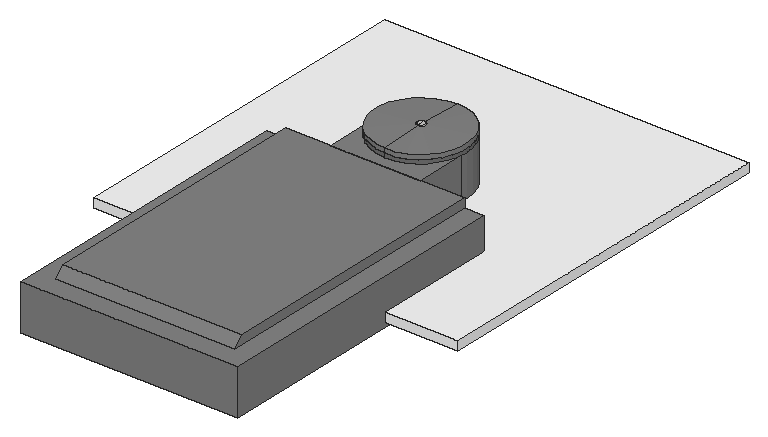
Revit family "BE_84582_de_DE", category Leuchten, Revit 2020
Family settings
  Basisbauteil = Fläche
  Bemaßung runder Anschluss = Durchmesser verwenden
  Teiletyp = Normal
  Beim Laden mit Abzugskörper schneiden = Ja
  Lichtquelle = Ja
  Gemeinsam genutzt = Nein
  Raumberechnungspunkt = Ja
Parameters (values of type "BEGA_84582_Grafit_K3")
  built-in parameter 1150104 = 18.042 (stored number, unit not read)
  Wattage = 31 W
  Default Elevation = 0 mm
  built-in parameter 1150113 = 1 (stored number, unit not read)
  built-in parameter 1114218 = 1 (stored number, unit not read)
  Umgebungstemperatur = "25 °C"
  URL = "https://www.bega.com/de/produkt/84582"
  Typenkommentare = "© 2022 BEGA. Wir behalten uns das Recht vor, technische Änderungen ohne vorherige Ankündigung vorzunehmen."  # constant formula
  Type Image = 84582.png
  built-in parameter 1150134 = (empty or 0)
  built-in parameter 1150109 = 1 (stored number, unit not read)
  Strom = ""
  built-in parameter 1150110 = 1 (stored number, unit not read)
  Spannung = 239.996 V
  Sonderanfertigung = no
  Seriennummer [instance] = "Hier können Sie die eindeutige Seriennummer für das Facility Management eintragen."
  Schutzklasse = "II"
  Schutzart = "IP 66"
  Scheinlast = 0 VA
  Produktdatenblatt = "https://cdn.bega.com/bega/products/84582K4/current/documents/data-sheets/de"
  Oberflächentemperatur = ""
  Neigungswinkel = 0.00°
  Modell = "84582K3"
  Material_18 = BEGA_Gummi_schwarz
  Material_17 = BEGA_Reflektor
  Material_15 = BEGA_Leuchtmedium_matt
  Material_11 = BEGA_Glas_opal
  Material_09 = BEGA_Glas_klar
  Material_06 = BEGA_Oberfläche_Edelstahl_gebürstet
  Material_03 = BEGA_Oberfläche_Weiss_matt
  Material_02 = BEGA_Oberfläche_Silber_matt
  Material_01 [instance] = BEGA_Oberfläche_Grafit_matt
  M_W = no
  M_G = yes
  M_A = no
  Logo = 0
  built-in parameter 1114217 = 1 (stored number, unit not read)
  built-in parameter 1150139 = (empty or 0)
  built-in parameter 1150105 = 479.07 (stored number, unit not read)
  built-in parameter 1150114 = 1 (stored number, unit not read)
  Lumens = 6020.2 lm
  built-in parameter 1150115 = 1 (stored number, unit not read)
  Leuchtenlichtstrom = "4668 lm"
  Leuchtenanzahl = ""
  Lebensdauerkriterien = "L70B50 @ 25 °C = 200000 h"
  Lastklassifizierung = Beleuchtung
  built-in parameter 1150112 = 1 (stored number, unit not read)
  Lampenlichtstrom = "6020 lm"
  Lampe = "LED 31 W"
  LED_Modulbezeichnung = "LED-1080/830"
  Hersteller = "BEGA"  # constant formula
  Halbstreuwinkel = ""
  Gewicht = "5.55 kg"
  Gebrauchslageneinschränkung [instance] = ""
  Frequenz = "0/50-60 Hz"
  Farbwiedergabeindex = "CRI > 80"
  Farbtemperaturverschiebung bei Dämpfen der Lampe = <Keine Auswahl>
  Farbtemperatur = "3000 K"
  Color Filter = 16777215
  built-in parameter 1150133 = 10 (stored number, unit not read)
  Energieeffizienzklasse = "LED A++ - A"
  built-in parameter 1150137 = (empty or 0)
  built-in parameter 1150132 = (empty or 0)
  ENEC = "ja"
  Dimmbar [instance] = "DALI"
  Datei für fotometrisches Netz = "BE_84582K3.IES"
  CE_Konformität = "ja"
  Bestellnummer = "84582K3"
  Beschreibung_Sonderanfertigung = "Hier können Sie Informationen zur Sonderanfertigung eintragen."
  Beschreibung = "Aufsatzleuchte"
  built-in parameter 1150106 = 4.7907 (stored number, unit not read)
  Befestigungsbohrung = ""
  Befestigungsabstand = ""
  Ballwurfsicher = ""
  BEGA_Intern_aus = yes
  BEGA_Intern_an = yes
  BEGA_Intern_Konstruktion = yes
  BEGA_Intern = yes
  BEGA_IES = yes
  BEGA_Dummy = no
  Anschlussleitung = "8.0 m X05BQ-F 4 × 1 mm²"
  Anschlussleistung [instance] = "33.5 W"
  Anschlusskasten = ""
  built-in parameter 1150107 = 3000 (stored number, unit not read)
  built-in parameter 1150102 = (empty or 0)
  built-in parameter 1150138 = (empty or 0)
  Aktualisierung = "2022-05-19T04:00:07"
  Abstand_zur_angestrahlten_Fläche [instance] = ""
  AC/DC = "AC/DC"
Types (2, lengths in mm): name | built-in parameter 1150104 | built-in parameter 1150134 | Modell | built-in parameter 1150105 | Lumens | Leuchtenlichtstrom | Lampenlichtstrom | LED_Modulbezeichnung | Farbtemperatur | Datei für fotometrisches Netz | Bestellnummer | built-in parameter 1150106 | built-in parameter 1150107
  BEGA_84582_Grafit_K3 | 18.042 (stored number, unit not read) | (empty or 0) | "84582K3" | 479.07 (stored number, unit not read) | 6020.2 lm | "4668 lm" | "6020 lm" | "LED-1080/830" | "3000 K" | "BE_84582K3.IES" | "84582K3" | 4.7907 (stored number, unit not read) | 3000 (stored number, unit not read)
  BEGA_84582_Grafit_K4 | 18.553 (stored number, unit not read) | 12 | "84582K4" | 492.64 (stored number, unit not read) | 6190.7 lm | "4800 lm" | "6190 lm" | "LED-1080/840" | "4000 K" | "BE_84582K4.IES" | "84582K4" | 4.9264 (stored number, unit not read) | 4000 (stored number, unit not read)
Reference planes
  plane 1 "Mitte (Vorne/Hinten)": y = 0
  plane 2: z = 0
  plane 3 "Mitte (Links/Rechts)": x = 0
  plane 4 "Links": x = -119.52
  plane 5 "Rechts": x = 119.52
  plane 6 "Unten": y = -401.92
  plane 7 "Oben": y = 50
  plane 8 "Vorne": z = 55.483
  plane 9 "Hinten": z = -100
Forms (mm)
  Extrusion 1, solid, material "BEGA_Platte_Weiss"
    sketch origin (0, -1119.2, 0) x (1, 0, 0) y (0, 1, 0)
      loop
        line (-200, 1319.2) -> (-200, 919.2) -> (200, 919.2) -> (200, 1319.2) -> (-200, 1319.2)
    from 0 to -10
  Extrusion 2, solid, material "BEGA_Dummy_matt", visible <- "BEGA_Dummy"
    sketch origin (80.095, -76.023, 0) x (1, 0, 0) y (0, 1, 0)
      loop
        line (-199.615, 126.023) -> (-199.615, -325.897) -> (39.425, -325.897) -> (39.425, 126.023) -> (-199.615, 126.023)
    from -100 to 55.483
Dimensions and locks
  plane 1 "Mitte (Vorne/Hinten)" to Extrusion 1 = 200 mm
  aligned and locked: plane 2 to Extrusion 1
  aligned and locked: level to Extrusion 1
Nested families
  nested 1: "BE_84582" at (0, 0, 0), type "BE_84582"
Connectors
  electrical at (0, 0, 0), driven by "Lastklassifizierung", driven by "Spannung", driven by "Scheinlast"
    settings: index 1, voltage 239.996 V, apparent load 0 VA, apparent load phase1 0 VA, apparent load phase2 0 VA, apparent load phase3 0 VA, power factor 1, load classification "Beleuchtung", number of poles 1, system type 31, power factor state 1, is connector primary yes, connector utility no, sub classification motor no, connector description ""
Definition of nested family "BE_84582"
  Parameters (values of type "BE_84582")
    Default Elevation = 1 mm
    URL = "http://www.bega.de/de/produkt"
    Type Comments = "© 2015 BEGA. Wir behalten uns das Recht vor, technische Änderungen ohne vorherige Ankündigung vorzunehmen. "  # constant formula
    Type Image = (empty or 0)
    Neigungswinkel_um_Z2 = 0.00°
    Neigungswinkel_um_Z1 = 0.00°
    Neigungswinkel_um_Y2 = 0.00°
    Neigungswinkel_um_Y1 = 0.00°
    Neigungswinkel_um_X2 = 0.00°
    Neigungswinkel_um_X1 = 0.00°
    Material_18 = none
    Material_17 = none
    Material_15 = none
    Material_11 = none
    Material_09 = none
    Material_06 = none
    Material_02 = none
    Material_01 = none
    M_W = yes
    M_G = yes
    M_A = yes
    Länge_Platte = 200 mm  # constant formula
    Höhe_Platte = -10 mm  # constant formula
    Manufacturer = "BEGA"  # constant formula
    Drehwinkel_um_Z2 = 0.00°
    Drehwinkel_um_Z1 = 0.00°
    Breite_Platte = 200 mm  # constant formula
  Reference planes
    plane 1 "Mitte (Oben/Unten)": y = 0
    plane 2: z = 0
    plane 3 "Mitte (Links/Rechts)": x = 0
    plane 4: y = 50
    plane 5: y = -401.92
    plane 6: x = -119.52
    plane 7: x = 119.52
    plane 8: z = -100
    plane 9: z = 56.3
  Forms (mm)
    Extrusion 1, solid, detail levels medium
      sketch origin (0, 0, 0) x (1, 0, 0) y (0, 1, 0)
        loop
          line (-100, 100) -> (-100, -100) -> (100, -100) -> (100, 100) -> (-100, 100)
      from 0 to -10 <- "Höhe_Platte"
    Revolve 2, solid, material <- "Material_01"
      sketch origin (0, 0, 0) x (0, 1, 0) y (0, 0, 1)
        loop
          arc (49.913, 53.5) -> (27.246, 54.905) -> (4.543, 55.483) r 623.82
          line (4.543, 55.483) -> (4.5, 50.5) -> (2.676, 50.5) -> (2.5, 47.5) -> (42.041, 47.5) -> (42.093, 43) -> (44.904, 43) -> (45, 48.5) -> (50, 48.5) -> (49.913, 53.5)
        axis (0, 55.483) -> (0, 43)
      angle from 0 to 360
    Revolve 3, solid, material <- "Material_18"
      sketch origin (0, 0, 0) x (0, 1, 0) y (0, 0, 1)
        loop
          line (50, 44.5) -> (50, 48.5) -> (45, 48.5) -> (45, 44.5) -> (50, 44.5)
        axis (0, 48.5) -> (0, 44.5)
      angle from 0 to 360
    Revolve 4, solid, material <- "Material_01"
      sketch origin (0, 0, 0) x (0, 1, 0) y (0, 0, 1)
        loop
          line (50, -15.5) -> (50, 44.5) -> (46, 44.5) -> (43.308, 6) -> (24, 6) -> (22.237, -95) -> (0, -95) -> (0, -100) -> (24.201, -100) -> (27.307, -97) -> (29, 0) -> (38.75, 0) -> (38.885, -15.5) -> (50, -15.5)
        axis (0, 44.5) -> (0, -100)
      angle from 0 to 360
    Extrusion 5, solid, material <- "Material_09"
      sketch origin (0, 0, 0) x (0, 1, 0) y (0, 0, 1)
        loop
          line (-198.009, -11.3) -> (-394.161, -11.3) -> (-394.161, -15.3) -> (-198.009, -15.3) -> (-198.009, -11.3)
      from -111.791 to 111.791
    Extrusion 6, solid, material <- "Material_01"
      sketch origin (0, 0, 0) x (1, 0, 0) y (0, 1, 0)
        loop
          line (115.955, -398.355) -> (115.955, -66.445) -> (-115.955, -66.445) -> (-115.955, -398.355) -> (115.955, -398.355)
        loop
          line (-111.791, -198.009) -> (-111.791, -394.161) -> (111.791, -394.161) -> (111.791, -198.009) -> (-111.791, -198.009)
      from -15.7 to -12.7
    Extrusion 7, solid, material <- "Material_01"
      sketch origin (0, 0, 0) x (1, 0, 0) y (0, 1, 0)
        loop
          line (-49.433, -62.88) -> (49.433, -62.88) -> (49.433, -7.51)
          arc (49.433, -7.51) -> (32.592, -37.918) -> (0, -50) r 50
          arc (0, -50) -> (-32.592, -37.918) -> (-49.433, -7.51) r 50
          line (-49.433, -7.51) -> (-49.433, -62.88)
      from -15.5 to 44.5
    Extrusion 8, solid, material <- "Material_01"
      sketch origin (0, 0, 0) x (1, 0, 0) y (0, 1, 0)
        loop
          line (-119.52, -62.88) -> (-119.52, -401.92) -> (119.52, -401.92) -> (119.52, -62.88) -> (-119.52, -62.88)
        loop
          line (-115.955, -66.841) -> (-115.955, -398.355) -> (115.955, -398.355) -> (115.955, -66.841) -> (-115.955, -66.841)
      from -15.7 to 34.7
    Extrusion 9, solid, material <- "Material_01"
      sketch origin (0, 0, 0) x (1, 0, 0) y (0, 1, 0)
        loop
          line (119.52, -62.88) -> (-119.52, -62.88) -> (-119.52, -401.92) -> (119.52, -401.92) -> (119.52, -62.88)
      from 31.77 to 34.7
    Extrusion 10, solid, material <- "Material_01"
      sketch origin (0, 0, 0) x (0, 1, 0) y (0, 0, 1)
        loop
          line (-369.622, 44.5) -> (-379.422, 34.7) -> (-62.88, 34.7) -> (-62.88, 44.5) -> (-369.622, 44.5)
      from -98.5 to 98.5
    Revolve 11, solid, material <- "Material_06"
      sketch origin (0, 0, 0) x (0, 1, 0) y (0, 0, 1)
        loop
          line (0, 56.3) -> (-4.25, 56.3) -> (-4.25, 51.3) -> (0, 51.3) -> (0, 56.3)
        axis (0, 51.3) -> (0, 56.3)
      angle from 0 to 360
    Extrusion 12, solid, material <- "Material_01"
      sketch origin (0, 0, 0) x (1, 0, 0) y (0, 1, 0)
        loop
          line (97.5, -208.1) -> (-97.5, -208.1) -> (-97.5, -384.1) -> (97.5, -384.1) -> (97.5, -208.1)
        loop
          line (110.75, -198.85) -> (-110.75, -198.85) -> (-110.75, -393.35) -> (110.75, -393.35) -> (110.75, -198.85)
      from -11.3 to -10.419
    Extrusion 13, solid, material <- "Material_17"
      sketch origin (0, 0, 0) x (0, 1, 0) y (0, 0, 1)
        loop
          line (-206.081, -8.419) -> (-224.666, -8.419)
          arc (-224.666, -8.419) -> (-214.841, 5.303) -> (-209.081, 21.167) r 62
          line (-209.081, 21.167) -> (-209.081, 28.881) -> (-238.608, 28.881)
          arc (-238.608, 28.881) -> (-312.71, 13.913) -> (-384.935, -8.419) r 752
          line (-384.935, -8.419) -> (-386.872, -8.419) -> (-386.872, 2.289) -> (-388.172, 2.289) -> (-388.172, -10.419) -> (-384.581, -10.419)
          arc (-384.581, -10.419) -> (-310.805, 12.334) -> (-235.081, 27.381) r 750
          line (-235.081, 27.381) -> (-211.081, 27.381) -> (-211.081, 21.381)
          arc (-211.081, 21.381) -> (-217.833, 4.028) -> (-229.581, -10.419) r 60
          line (-229.581, -10.419) -> (-206.081, -10.419) -> (-206.081, -8.419)
      from -98.97 to 99.011
    Extrusion 14, solid, material <- "Material_17"
      sketch origin (0, 0, 0) x (1, 0, 0) y (0, 0, 1)
        loop
          arc (-96, -10.419) -> (-90.931, 10.353) -> (-78, 27.381) r 52.5
          line (-78, 27.381) -> (-20, 27.381)
          arc (-20, 27.381) -> (-7.069, 10.353) -> (-2, -10.419) r 52.5
          line (-2, -10.419) -> (2, -10.419)
          arc (2, -10.419) -> (7.069, 10.353) -> (20, 27.381) r 52.5
          line (20, 27.381) -> (78, 27.381)
          arc (78, 27.381) -> (90.931, 10.353) -> (96, -10.419) r 52.5
          line (96, -10.419) -> (98.001, -10.419)
          arc (98.001, -10.419) -> (92.754, 11.176) -> (79.323, 28.881) r 54.5
          line (79.323, 28.881) -> (18.677, 28.881)
          arc (18.677, 28.881) -> (7.511, 15.444) -> (1.171, -0.836) r 54.5
          line (1.171, -0.836) -> (-1.171, -0.836)
          arc (-1.171, -0.836) -> (-7.463, 15.362) -> (-18.535, 28.757) r 54.5
          line (-18.535, 28.757) -> (-79.465, 28.757)
          arc (-79.465, 28.757) -> (-92.795, 11.091) -> (-98.001, -10.419) r 54.5
          line (-98.001, -10.419) -> (-96, -10.419)
      from 208.1 to 387.976
    Extrusion 15, void
      sketch origin (0, 0, 0) x (0, 1, 0) y (0, 0, 1)
        loop
          line (-234.118, 30.68) -> (-234.118, 25.381) -> (-212.581, 25.381) -> (-212.581, 30.68) -> (-234.118, 30.68)
      from 20 to 78
    Extrusion 16, void
      sketch origin (0, 0, 0) x (0, 1, 0) y (0, 0, -1)
        loop
          line (-234.118, -30.68) -> (-212.581, -30.68) -> (-212.581, -25.381) -> (-234.118, -25.381) -> (-234.118, -30.68)
      from 20 to 78
    Extrusion 17, solid, material <- "Material_15"
      sketch origin (0, 0, 0) x (1, 0, 0) y (0, 1, 0)
        loop
          line (-20, -212.581) -> (-78, -212.581) -> (-78, -234.118) -> (-20, -234.118) -> (-20, -212.581)
        loop
          line (78, -212.581) -> (20, -212.581) -> (20, -234.118) -> (78, -234.118) -> (78, -212.581)
      from 27.381 to 31.77
  Cuts and joins
    joined: Revolve 4, Extrusion 7
    Extrusion 15 cuts Extrusion 8
    Extrusion 15 cuts Extrusion 9
    Extrusion 15 cuts Extrusion 10
    joined: Extrusion 8, Extrusion 9, Extrusion 10
    Extrusion 15, Extrusion 16 cuts Extrusion 13
    Extrusion 15, Extrusion 16 cuts Extrusion 14
  Dimensions and locks
    equal spacing: Extrusion 1 sketch curve, plane 3 "Mitte (Links/Rechts)", Extrusion 1 sketch curve
    equal spacing: Extrusion 1 sketch curve, plane 1 "Mitte (Oben/Unten)", Extrusion 1 sketch curve
    "Länge_Platte": Extrusion 1 sketch curve to Extrusion 1 sketch curve
    "Breite_Platte": Extrusion 1 sketch curve to Extrusion 1 sketch curve
    aligned and locked: plane 2 to Extrusion 1
    aligned and locked: level to Extrusion 1
  Automatic sketch dimensions
    Revolve 2 sketch curve to plane 1 "Mitte (Oben/Unten)" = 0 mm  (x2)
    Revolve 2 sketch curve to plane 1 "Mitte (Oben/Unten)" = 2.5 mm
    Revolve 2 sketch curve to plane 1 "Mitte (Oben/Unten)" = 2.676 mm
    Revolve 2 sketch curve to Revolve 2 sketch curve = 1.824 mm
    plane 9 to Revolve 2 sketch curve = 0.817 mm
    Revolve 2 sketch curve to plane 1 "Mitte (Oben/Unten)" = 4.543 mm
    Revolve 2 sketch curve to plane 4 = 7.959 mm
    Revolve 2 sketch curve to Revolve 2 sketch curve = 0.052 mm
    Revolve 2 sketch curve to Revolve 2 sketch curve = 2.811 mm
    Revolve 2 sketch curve to Revolve 2 sketch curve = 2.959 mm
    Revolve 2 sketch curve to plane 4 = 0.087 mm
    Revolve 2 sketch curve to plane 4 = 0 mm
    Revolve 2 sketch curve to Revolve 2 sketch curve = 1.983 mm
    Revolve 2 sketch curve to Revolve 2 sketch curve = 4.983 mm
    Revolve 2 sketch curve to Revolve 2 sketch curve = 5 mm
    Revolve 2 sketch curve to Revolve 2 sketch curve = 3 mm
    Revolve 2 sketch curve to Revolve 2 sketch curve = 4.5 mm
    plane 8 to Revolve 2 sketch curve = 145.232 mm
    Revolve 2 sketch curve to plane 9 = 308.763 mm
    Revolve 3 sketch curve to plane 1 "Mitte (Oben/Unten)" = 0 mm
    Revolve 3 sketch curve to plane 4 = 0 mm
    Revolve 3 sketch curve to Revolve 3 sketch curve = 5 mm
    plane 9 to Revolve 3 sketch curve = 11.8 mm
    Revolve 3 sketch curve to Revolve 3 sketch curve = 4 mm
    plane 8 to Revolve 3 sketch curve = 145.232 mm
    Revolve 3 sketch curve to plane 9 = 308.763 mm
    Revolve 4 sketch curve to plane 1 "Mitte (Oben/Unten)" = 0 mm  (x2)
    plane 8 to Revolve 4 sketch curve = 0 mm
    Revolve 4 sketch curve to level = 0 mm
    Revolve 4 sketch curve to plane 4 = 0 mm
    Revolve 4 sketch curve to plane 8 = 5 mm
    Revolve 4 sketch curve to Revolve 4 sketch curve = 22.237 mm
    level to Revolve 4 sketch curve = 6 mm
    Revolve 4 sketch curve to plane 1 "Mitte (Oben/Unten)" = 24 mm
    Revolve 4 sketch curve to Revolve 4 sketch curve = 1.964 mm
    Revolve 4 sketch curve to plane 8 = 3 mm
    Revolve 4 sketch curve to Revolve 4 sketch curve = 3.106 mm
    Revolve 4 sketch curve to Revolve 4 sketch curve = 5 mm
    Revolve 4 sketch curve to Revolve 4 sketch curve = 9.75 mm
    Revolve 4 sketch curve to Revolve 4 sketch curve = 11.115 mm
    Revolve 4 sketch curve to plane 4 = 6.692 mm
    Revolve 4 sketch curve to Revolve 4 sketch curve = 4 mm
    Revolve 4 sketch curve to level = 15.5 mm
    plane 9 to Revolve 4 sketch curve = 11.8 mm
    plane 8 to Revolve 4 sketch curve = 145.232 mm
    Revolve 4 sketch curve to plane 9 = 308.763 mm
    Extrusion 5 sketch curve to plane 5 = 7.759 mm
    Extrusion 5 sketch curve to level = 11.3 mm
    Extrusion 5 sketch curve to Extrusion 5 sketch curve = 196.151 mm
    Extrusion 5 sketch curve to Extrusion 5 sketch curve = 4 mm
    Extrusion 6 sketch curve to plane 6 = 3.565 mm
    Extrusion 6 sketch curve to plane 6 = 7.729 mm
    plane 7 to Extrusion 6 sketch curve = 7.729 mm
    plane 7 to Extrusion 6 sketch curve = 3.565 mm
    Extrusion 6 sketch curve to plane 5 = 3.565 mm
    Extrusion 6 sketch curve to Extrusion 6 sketch curve = 4.194 mm
    Extrusion 6 sketch curve to Extrusion 6 sketch curve = 196.151 mm
    plane 1 "Mitte (Oben/Unten)" to Extrusion 6 sketch curve = 66.445 mm
    Extrusion 7 sketch curve to Extrusion 7 sketch curve = 0 mm  (x2)
    Extrusion 7 sketch curve to plane 3 "Mitte (Links/Rechts)" = 0 mm
    plane 1 "Mitte (Oben/Unten)" to Extrusion 7 sketch curve = 0 mm
    Extrusion 7 sketch curve to plane 3 "Mitte (Links/Rechts)" = 49.433 mm
    plane 1 "Mitte (Oben/Unten)" to Extrusion 7 sketch curve = 7.51 mm
    plane 3 "Mitte (Links/Rechts)" to Extrusion 7 sketch curve = 49.433 mm
    Extrusion 7 sketch curve to Extrusion 7 sketch curve = 12.88 mm
    Extrusion 8 sketch curve to plane 5 = 0 mm
    Extrusion 8 sketch curve to plane 6 = 0 mm
    Extrusion 8 sketch curve to plane 7 = 0 mm
    Extrusion 8 sketch curve to plane 6 = 3.565 mm
    plane 7 to Extrusion 8 sketch curve = 3.565 mm
    Extrusion 8 sketch curve to plane 5 = 3.565 mm
    plane 1 "Mitte (Oben/Unten)" to Extrusion 8 sketch curve = 66.841 mm
    Extrusion 8 sketch curve to Extrusion 8 sketch curve = 3.961 mm
    Extrusion 9 sketch curve to plane 6 = 0 mm
    Extrusion 9 sketch curve to plane 7 = 0 mm
    Extrusion 9 sketch curve to plane 5 = 0 mm
    plane 1 "Mitte (Oben/Unten)" to Extrusion 9 sketch curve = 62.88 mm
    Extrusion 10 sketch curve to plane 5 = 22.498 mm
    plane 9 to Extrusion 10 sketch curve = 11.8 mm
    Extrusion 10 sketch curve to Extrusion 10 sketch curve = 9.8 mm
    plane 9 to Extrusion 10 sketch curve = 21.6 mm
    plane 1 "Mitte (Oben/Unten)" to Extrusion 10 sketch curve = 62.88 mm
    plane 9 to Revolve 11 sketch curve = 0 mm
    Revolve 11 sketch curve to plane 1 "Mitte (Oben/Unten)" = 0 mm  (x2)
    plane 1 "Mitte (Oben/Unten)" to Revolve 11 sketch curve = 4.25 mm
    Revolve 11 sketch curve to Revolve 11 sketch curve = 5 mm
    plane 8 to Revolve 11 sketch curve = 145.232 mm
    Revolve 11 sketch curve to plane 9 = 308.763 mm
    Extrusion 12 sketch curve to plane 6 = 8.77 mm
    Extrusion 12 sketch curve to Extrusion 12 sketch curve = 13.25 mm
    plane 7 to Extrusion 12 sketch curve = 22.02 mm
    plane 7 to Extrusion 12 sketch curve = 8.77 mm
    Extrusion 12 sketch curve to plane 5 = 8.57 mm
    Extrusion 12 sketch curve to Extrusion 12 sketch curve = 9.25 mm  (x2)
    Extrusion 12 sketch curve to Extrusion 12 sketch curve = 176 mm
    Extrusion 13 sketch curve to Extrusion 13 sketch curve = 0 mm  (x4)
    Extrusion 13 sketch curve to plane 5 = 13.748 mm
    Extrusion 13 sketch curve to Extrusion 13 sketch curve = 1.3 mm
    Extrusion 13 sketch curve to Extrusion 13 sketch curve = 1.937 mm
    Extrusion 13 sketch curve to Extrusion 13 sketch curve = 0.354 mm
    plane 9 to Extrusion 13 sketch curve = 22.1 mm
    Extrusion 13 sketch curve to Extrusion 13 sketch curve = 117.176 mm
    Extrusion 13 sketch curve to Extrusion 13 sketch curve = 31.087 mm
    Extrusion 13 sketch curve to Extrusion 13 sketch curve = 3.528 mm
    Extrusion 13 sketch curve to level = 10.419 mm  (x2)
    Extrusion 13 sketch curve to Extrusion 13 sketch curve = 5.5 mm
    Extrusion 13 sketch curve to Extrusion 13 sketch curve = 4.915 mm
    Extrusion 13 sketch curve to Extrusion 13 sketch curve = 24 mm
    Extrusion 13 sketch curve to Extrusion 13 sketch curve = 2 mm  (x3)
    Extrusion 13 sketch curve to Extrusion 13 sketch curve = 18.585 mm
    plane 1 "Mitte (Oben/Unten)" to Extrusion 13 sketch curve = 126.958 mm
    plane 8 to Extrusion 13 sketch curve = 614.784 mm
    level to Extrusion 13 sketch curve = 2.289 mm
    Extrusion 14 sketch curve to Extrusion 14 sketch curve = 0 mm  (x8)
    Extrusion 14 sketch curve to level = 10.419 mm
    Extrusion 14 sketch curve to plane 6 = 21.519 mm
    Extrusion 14 sketch curve to Extrusion 14 sketch curve = 2.001 mm  (x2)
    plane 9 to Extrusion 14 sketch curve = 27.543 mm
    Extrusion 14 sketch curve to plane 6 = 40.055 mm
    Extrusion 14 sketch curve to Extrusion 14 sketch curve = 1.465 mm  (x2)
    Extrusion 14 sketch curve to level = 12.219 mm  (x2)
    Extrusion 14 sketch curve to Extrusion 14 sketch curve = 41.531 mm  (x2)
    Extrusion 14 sketch curve to Extrusion 14 sketch curve = 10.938 mm  (x2)
    Extrusion 14 sketch curve to plane 3 "Mitte (Links/Rechts)" = 20 mm
    Extrusion 14 sketch curve to plane 3 "Mitte (Links/Rechts)" = 2 mm
    Extrusion 14 sketch curve to level = 0.836 mm
    plane 3 "Mitte (Links/Rechts)" to Extrusion 14 sketch curve = 1.171 mm
    plane 3 "Mitte (Links/Rechts)" to Extrusion 14 sketch curve = 2 mm
    plane 3 "Mitte (Links/Rechts)" to Extrusion 14 sketch curve = 18.677 mm
    Extrusion 14 sketch curve to Extrusion 14 sketch curve = 1.323 mm  (x2)
    plane 7 to Extrusion 14 sketch curve = 41.52 mm
    plane 7 to Extrusion 14 sketch curve = 23.52 mm
    level to Extrusion 15 sketch curve = 25.381 mm
    Extrusion 15 sketch curve to plane 5 = 167.802 mm
    Extrusion 15 sketch curve to Extrusion 15 sketch curve = 21.538 mm
    Extrusion 15 sketch curve to Extrusion 15 sketch curve = 5.298 mm
    level to Extrusion 16 sketch curve = 25.381 mm
    Extrusion 16 sketch curve to plane 5 = 167.802 mm
    Extrusion 16 sketch curve to Extrusion 16 sketch curve = 21.538 mm
    Extrusion 16 sketch curve to Extrusion 16 sketch curve = 5.298 mm
    Extrusion 17 sketch curve to plane 6 = 41.52 mm
    Extrusion 17 sketch curve to plane 5 = 189.34 mm
    Extrusion 17 sketch curve to Extrusion 17 sketch curve = 21.538 mm  (x2)
    Extrusion 17 sketch curve to plane 3 "Mitte (Links/Rechts)" = 20 mm
    plane 3 "Mitte (Links/Rechts)" to Extrusion 17 sketch curve = 20 mm
    Extrusion 17 sketch curve to Extrusion 17 sketch curve = 0 mm
    plane 7 to Extrusion 17 sketch curve = 41.52 mm
